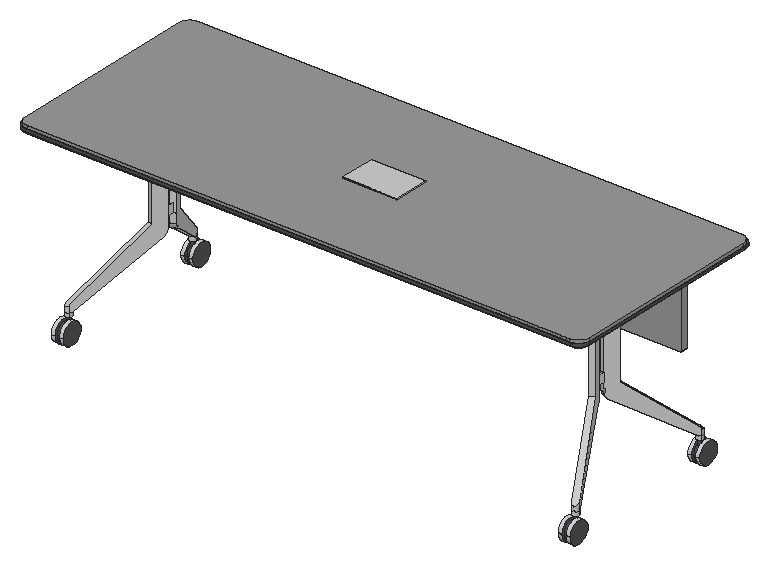
Revit family "Haworth_Planes_ConferenceDesk_EU_PRELIMINARY", category Furniture, Revit 2019
Family settings
  OmniClass Number = 23.40.70.14.64.21
  OmniClass Title = Systems Furniture
  Work Plane-Based = No
  Always vertical = Yes
  Cut with Voids When Loaded = No
  Shared = No
  Room Calculation Point = No
Parameters (values of type "210w x 80d")
  With Screen = yes
  Width = 210 cm
  Warranty = "http://www.haworth.com/resources/product-info/warranties"
  URL - Product = "https://www.haworth.com/eu/en/products/conference-tables/planes-0.html?_br_psugg_q=plane"
  Trim Finish = Haworth _ Polymer _ Undecided
  Top Finish [instance] = Haworth _ Laminate _ Undecided _ Tables
  Table Linking = yes
  Support Finish [instance] = Haworth _ Paint _ Undecided _ Table
  Straight Legs = no
  Squared Corners = not(Rounded Corners)  # no
  Screen Width = Actual Width - 50 cm  # 160 cm
  Screen Finish [instance] = Haworth _ Fabric _ Undecided _ Screen
  Rounded Corners = yes
  Model = "A00000012"  # constant formula
  Min. Width = 100 cm  # constant formula
  Min. Depth = 65 cm  # constant formula
  Max. Width = 210 cm  # constant formula
  Max. Depth = 80 cm  # constant formula
  Leg Height = Actual Height - 2.5 cm  # 71.5 cm
  Glides = no
  Flip Top Finish = Haworth _ Paint _ Undecided _ Table
  Flip Top = yes
  Edge Protector = Haworth _ Polymer _ Black
  Description = "Haworth - Planes - Conference Table"  # constant formula
  URL = "https://www.haworth.com/eu/en.html"
  Size = "Verify Final Dim. w/ Haworth"  # constant formula
  Revision Number = "1"  # constant formula
  Manufacturer = "Haworth"  # constant formula
  Depth = 80 cm
  Casters = not(Glides)  # yes
  Caster Finish = Haworth _ Polymer _ Black
  Author = "Haworth (Abd Rahman)"  # constant formula
  Assembly Code = "E2020200"
  Angled Single Leg = not(Straight Legs)  # yes
  Actual Width = if(Width > Max. Width, Max. Width, if(Width < Min. Width, Min. Width, Width))  # 210 cm
  Actual Height = 74 cm  # constant formula
  Actual Depth = if(Depth > Max. Depth, Max. Depth, if(Depth < Min. Depth, Min. Depth, Depth))  # 80 cm
Reference planes (cm)
  plane 1 "Center F/B": y = 0
  plane 2: z = 0
  plane 3 "Top": z = 74
  plane 4: x = 0
  plane 5: z = 71.5
  plane 6: x = -105
  plane 7: x = 105
  plane 8: y = 40
  plane 9: y = -40
  plane 10: x = -79
  plane 11: x = 79
  plane 12: y = -35
  plane 13: x = 100
  plane 14: y = 35
  plane 15: x = -100
Dimensions and locks (cm)
  "Actual Height": plane 3 "Top" to level
  "Actual Width": plane 6 to plane 7
  equal spacing: plane 6, plane 4, plane 7
  equal spacing: plane 8, plane 1 "Center F/B", plane 9
  "Actual Depth": plane 8 to plane 9
  locked: plane 3 "Top" to plane 5 at 2.5
  plane 6 to plane 10 = 26 cm
  plane 11 to plane 7 = 26 cm
  locked: plane 6 to plane 15 at 5
  locked: plane 13 to plane 7 at 5
  locked: plane 12 to plane 9 at 5
  locked: plane 14 to plane 8 at 5
  aligned and locked: nested 2 to plane 4
  aligned and locked: plane 1 "Center F/B" to nested 2
  aligned and locked: plane 3 "Top" to nested 2
  aligned and locked: nested 3 to plane 10
  aligned and locked: nested 4 to plane 11
  aligned and locked: nested 4 to plane 1 "Center F/B"
  aligned and locked: plane 1 "Center F/B" to nested 3
  aligned and locked: nested 5 to plane 10
  aligned and locked: nested 6 to plane 11
  aligned and locked: level to nested 6
  aligned and locked: level to nested 5
  aligned and locked: plane 2 to nested 3
  aligned and locked: plane 2 to nested 4
  aligned and locked: nested 1 to plane 4
  aligned and locked: plane 5 to nested 1
  aligned and locked: plane 8 to nested 1
  aligned and locked: nested 7 to plane 4
  aligned and locked: plane 1 "Center F/B" to nested 7
  aligned and locked: plane 5 to nested 7
  aligned and locked: nested 8 to plane 12
  aligned and locked: plane 15 to nested 8
  aligned and locked: nested 9 to plane 15
  aligned and locked: plane 14 to nested 9
  aligned and locked: nested 11 to plane 14
  aligned and locked: plane 12 to nested 10
  aligned and locked: nested 10 to plane 13
  aligned and locked: plane 13 to nested 11
  aligned and locked: plane 5 to nested 8
  aligned and locked: nested 9 to plane 5
  aligned and locked: nested 10 to plane 5
  aligned and locked: plane 5 to nested 11
  aligned and locked: nested 12 to plane 4
  aligned and locked: plane 1 "Center F/B" to nested 12
  aligned and locked: nested 12 to plane 3 "Top"
  aligned and locked: plane 1 "Center F/B" to nested 6
  aligned and locked: plane 1 "Center F/B" to nested 5
Nested families (cm)
  nested 1: "Haworth_Planes_ModestyPanel-PART" at (0, 0.9, -46.3707), Screen Finish <- "Screen Finish", Trim Finish <- "Trim Finish", visible <- "With Screen", type "Modesty Panel"
    with Trim Finish Haworth _ Polymer _ Undecided, Screen Finish Haworth _ Fabric _ Undecided _ Screen, Actual Width 160 cm
  nested 2: "Haworth_Planes_Top_EU-PART" at (55.6859, 7.21, 0.5), Top Finish <- "Top Finish", type "Conference Desk - Top"
    with Top Finish Haworth _ Laminate _ Undecided _ Tables, Squared Corners no
  nested 3: "Haworth_Planes_Leg-Y" at (-79, 0, 0), visible <- "Angled Single Leg", type "Leg"
    with Leg Height 71.5 cm
  nested 4: "Haworth_Planes_Leg-Y" at (79, 0, 0) x (-1, 0, 0) z (0, 0, 1), visible <- "Angled Single Leg", type "Leg"
    with Leg Height 71.5 cm
  nested 5: "Haworth_Planes_YLeg_Linear-PART" at (-129, -7.3381, 0.0293), Support Finish <- "Support Finish", visible <- "Straight Legs", type "Leg"
    with Support Finish Haworth _ Paint _ Undecided _ Table
  nested 6: "Haworth_Planes_YLeg_Linear-PART" at (33.6, -7.3381, 0.0293), Support Finish <- "Support Finish", visible <- "Straight Legs", type "Leg"
    with Support Finish Haworth _ Paint _ Undecided _ Table
  nested 7: "Haworth_Planes_Beam_Understructure-PART" at (0, 2.91, 0), Support Finish <- "Support Finish", type "Beam Understructure"
    with Support Finish Haworth _ Paint _ Undecided _ Table, Actual Width 160 cm
  nested 8: "Haworth_Planes_TableLinking-PART" at (-100, -24.59, 0), Support Finish <- "Flip Top Finish", visible <- "Table Linking", type "Table Linking"
    with Support Finish Haworth _ Paint _ Undecided _ Table
  nested 9: "Haworth_Planes_TableLinking-PART" at (-100, 24.59, 0), Support Finish <- "Flip Top Finish", visible <- "Table Linking", type "Table Linking"
    with Support Finish Haworth _ Paint _ Undecided _ Table
  nested 10: "Haworth_Planes_TableLinking-PART" at (100, -24.59, 0) x (-1, 0, 0) z (0, 0, 1), Support Finish <- "Flip Top Finish", visible <- "Table Linking", type "Table Linking"
    with Support Finish Haworth _ Paint _ Undecided _ Table
  nested 11: "Haworth_Planes_TableLinking-PART" at (100, 24.59, 0) x (-1, 0, 0) z (0, 0, 1), Support Finish <- "Flip Top Finish", visible <- "Table Linking", type "Table Linking"
    with Support Finish Haworth _ Paint _ Undecided _ Table
  nested 12: "Haworth-Flip Top" at (-1.4487, -0.1333, -6), visible <- "Flip Top", type "Flip Top - Visio"
    with Actual Width 20 cm, Actual Depth 13 cm
Definition of nested family "Haworth_Planes_ModestyPanel-PART"
  Parameters (values of type "Modesty Panel")
    Warranty = "http://www.haworth.com/resources/product-info/warranties"
    URL - Product = "\"Haworth - Planes - Modesty Panel\""
    URL = "https://www.haworth.com/eu/en.html"
    Trim Finish [instance] = none
    Thickness = 3.2 cm  # constant formula
    Size = "Verify Final Dim. w/ Haworth"  # constant formula
    Screen Finish [instance] = none
    Revision Number = ""
    Model = "Haworth - Planes - Modesty Panel"  # constant formula
    Manufacturer = "Haworth"  # constant formula
    Description = "Haworth - Planes - Modesty Panel"  # constant formula
    Author = "Haworth (Abd Rahman)"  # constant formula
    Assembly Code = ""
    Actual Width = 130 cm
    Actual Height = 40 cm
    Actual Depth = 2 cm  # constant formula
  Reference planes (cm)
    plane 1 "Center F/B": y = 38.1
    plane 2: z = 0
    plane 3 "Center L/R": x = 0
    plane 4 "Table Front": y = 39.1
    plane 5 "Table Right": x = 65
    plane 6 "Table Left": x = -65
    plane 7 "Table Back": y = 37.1
    plane 8: z = 74.5582
    plane 9: z = 114.5582
    plane 10: x = 40.0779
    plane 11: x = -40.0779
    plane 12: z = 117.8707
    plane 13: y = 39.9573
  Forms (cm)
    Extrusion 1, solid, material <- "Screen Finish"
      sketch origin (0, 39.1, 0) x (-1, 0, 0) y (0, 0, 1)
        loop
          line (64.5, 114.5582) -> (-64.5, 114.5582)
          arc (-64.5, 114.5582) -> (-64.8536, 114.4118) -> (-65, 114.0582) r 0.5
          line (-65, 114.0582) -> (-65, 75.0582)
          arc (-65, 75.0582) -> (-64.8536, 74.7047) -> (-64.5, 74.5582) r 0.5
          line (-64.5, 74.5582) -> (64.5, 74.5582)
          arc (64.5, 74.5582) -> (64.8536, 74.7047) -> (65, 75.0582) r 0.5
          line (65, 75.0582) -> (65, 114.0582)
          arc (65, 114.0582) -> (64.8536, 114.4118) -> (64.5, 114.5582) r 0.5
      from -2 to 0
  Lines and regions (cm)
    Masking region 1
      outline origin (0, 0, 0) x (1, 0, 0) y (0, 1, 0)
        loop
          line (-65, 39.1) -> (-65, 37.1) -> (65, 37.1) -> (65, 39.1) -> (-65, 39.1)
  Dimensions and locks (cm)
    "Actual Depth": plane 7 "Table Back" to plane 4 "Table Front"
    "Actual Width": plane 6 "Table Left" to plane 5 "Table Right"
    equal spacing: plane 6 "Table Left", plane 3 "Center L/R", plane 5 "Table Right"
    equal spacing: plane 4 "Table Front", plane 1 "Center F/B", plane 7 "Table Back"
    "Actual Height": plane 9 to plane 8
    locked: plane 11 to plane 6 "Table Left" at 24.9221
    locked: plane 10 to plane 5 "Table Right" at 24.9221
    plane 12 to plane 9 = 3.3125 cm
    aligned and locked: Extrusion 1 sketch curve to plane 5 "Table Right"
    aligned and locked: plane 8 to Extrusion 1 sketch curve
    aligned and locked: nested 1 to plane 10
    aligned and locked: nested 2 to plane 11
    aligned and locked: plane 4 "Table Front" to Extrusion 1
    aligned and locked: plane 7 "Table Back" to Extrusion 1
    aligned and locked: plane 12 to nested 1
    aligned and locked: plane 12 to nested 2
    aligned and locked: plane 13 to nested 2
    aligned and locked: plane 13 to nested 1
    aligned and locked: plane 6 "Table Left" to Masking region 1 sketch curve
    aligned and locked: Masking region 1 sketch curve to plane 7 "Table Back"
    aligned and locked: plane 5 "Table Right" to Masking region 1 sketch curve
    aligned and locked: Masking region 1 sketch curve to plane 4 "Table Front"
  Automatic sketch dimensions
    plane 5 "Table Right" to Extrusion 1 sketch curve = 0.5 cm  (x2)
    Extrusion 1 sketch curve to Extrusion 1 sketch curve = 0.5 cm  (x2)
    Extrusion 1 sketch curve to plane 6 "Table Left" = 0 cm
    Extrusion 1 sketch curve to plane 9 = 0 cm
  Nested families (cm)
    nested 1: "Haworth_Planes_ModestyPanel-FixingKit-PART" at (1.1175, 235.3951, 46.5107), Trim Finish <- "Trim Finish", type "Fixing Kit"
      with Trim Finish none
    nested 2: "Haworth_Planes_ModestyPanel-FixingKit-PART" at (-79.0384, 235.3951, 46.5107), Trim Finish <- "Trim Finish", type "Fixing Kit"
      with Trim Finish none
  Definition of nested family "Haworth_Planes_ModestyPanel-FixingKit-PART"
    Parameters (values of type "Fixing Kit")
      Warranty = "http://www.haworth.com/resources/product-info/warranties"
      URL - Product = "https://www.haworth.com/eu/en/products/conference-tables/planes-0.html"
      URL = "https://www.haworth.com/eu/en.html"
      Trim Finish [instance] = none
      Size = "Verify Final Dim. w/ Haworth"  # constant formula
      Revision Number = ""
      Model = "Haworth - Planes - Modesty Panel"  # constant formula
      Manufacturer = "Haworth"  # constant formula
      Description = "Haworth - Planes - Modesty Panel"  # constant formula
      Author = "Haworth (Abd Rahman)"  # constant formula
      Assembly Code = ""
      Actual Width = 6 cm  # constant formula
      Actual Height = 40 cm
      Actual Depth = 8 cm  # constant formula
    Reference planes (cm)
      plane 1: z = 0
      plane 2: x = 41.9604
      plane 3: x = 35.9604
      plane 4: y = -204.5451
      plane 5: y = -196.5451
      plane 6: x = 38.9604
      plane 7: y = -200.5451
      plane 8: z = 71.36
      plane 9: z = 64.6069
    Forms (cm)
      Extrusion 1, solid, material <- "Trim Finish"
        sketch origin (0, 0, 0) x (1, 0, 0) y (0, 1, 0)
          loop
            line (35.9604, -196.695) -> (35.9604, -204.3951) -> (36.1104, -204.5451) -> (41.8104, -204.5451) -> (41.9604, -204.3951) -> (41.9604, -196.695) -> (41.8104, -196.5451) -> (40.0162, -196.5451) -> (40.0162, -199.0429) -> (37.9046, -199.0429) -> (37.9046, -196.5451) -> (36.1104, -196.5451) -> (35.9604, -196.695)
        from 69.4159 to 71.36
      Extrusion 2, solid, material <- "Trim Finish"
        sketch origin (0, 0, 0) x (1, 0, 0) y (0, 1, 0)
          loop
            line (38.2136, -195.5878) -> (38.2136, -199.0429) -> (39.7072, -199.0429) -> (39.7072, -195.5878) -> (39.5572, -195.4378) -> (38.3637, -195.4378) -> (38.2136, -195.5878)
        from 70.3859 to 71.025
      Extrusion 3, solid, material <- "Trim Finish"
        sketch origin (70, 0, 0) x (0, -1, 0) y (0, 0, 1)
          loop
            line (203.8451, 69.4159) -> (197.0296, 69.4159) -> (197.0296, 68.3014)
            arc (197.0296, 68.3014) -> (197.143, 68.0646) -> (197.3987, 68.0046) r 0.3039
            line (197.3987, 68.0046) -> (203.8451, 69.4159)
        from 28.3261 to 33.7338
      Extrusion 4, solid, material <- "Trim Finish"
        sketch origin (70, 0, 0) x (0, -1, 0) y (0, 0, 1)
          loop
            arc (198.9867, 67.3842) -> (198.6219, 68.3857) -> (197.7537, 69.0041) r 1.7962
            arc (197.7537, 69.0041) -> (196.9985, 68.9966) -> (196.5918, 68.3601) r 0.7933
            line (196.5918, 68.3601) -> (196.5918, 67.8966) -> (197.0296, 67.8966) -> (197.0296, 68.3343) -> (197.6219, 68.3343) -> (197.6219, 67.8966) -> (198.1884, 67.8966) -> (198.1884, 64.6069) -> (198.9867, 64.6069) -> (198.9867, 67.3842)
        from 28.03 to 34.0299
      Extrusion 5, void
        sketch origin (0, 39.7, 0) x (-1, 0, 0) y (0, 0, 1)
          loop
            line (-41.32, 69.094) -> (-41.32, 66.9953) -> (-41.6701, 66.9953)
            arc (-41.6701, 66.9953) -> (-41.8822, 66.9074) -> (-41.97, 66.6953) r 0.3
            line (-41.97, 66.6953) -> (-41.97, 64.9069)
            arc (-41.97, 64.9069) -> (-41.8822, 64.6947) -> (-41.67, 64.6069) r 0.3
            line (-41.67, 64.6069) -> (-36.2443, 64.6069)
            arc (-36.2443, 64.6069) -> (-36.0322, 64.6947) -> (-35.9443, 64.9069) r 0.3
            line (-35.9443, 64.9069) -> (-35.9443, 66.6982)
            arc (-35.9443, 66.6982) -> (-36.0313, 66.9083) -> (-36.2413, 66.9953) r 0.297
            line (-36.2413, 66.9953) -> (-36.5943, 66.9953) -> (-36.5943, 69.094) -> (-37.8572, 69.094) -> (-37.8572, 66.9953) -> (-40.0572, 66.9953) -> (-40.0572, 69.094) -> (-41.32, 69.094)
          loop
            line (-35.4992, 69.5369) -> (-42.6878, 69.5369) -> (-42.6878, 64.0369) -> (-35.4992, 64.0369) -> (-35.4992, 69.5369)
        from -241.406 to -231.8616
      Extrusion 6, solid, material <- "Trim Finish"
        sketch origin (0, 0, 0) x (1, 0, 0) y (0, 1, 0)
          loop
            line (40.0162, -199.0429) -> (40.0162, -196.5451) -> (37.9046, -196.5451) -> (37.9046, -199.0429) -> (40.0162, -199.0429)
        from 69.4159 to 70.76
    Cuts and joins
      Extrusion 5 cuts Extrusion 4
      joined: Extrusion 1, Extrusion 2, Extrusion 3, Extrusion 4, Extrusion 6
    Lines and regions (cm)
      Masking region 1
        outline origin (0, 0, 0) x (1, 0, 0) y (0, 1, 0)
          loop
            line (35.9604, -196.695) -> (35.9604, -204.3951) -> (36.1104, -204.5451) -> (41.8104, -204.5451) -> (41.9604, -204.3951) -> (41.9604, -196.695) -> (41.8104, -196.5451) -> (40.0162, -196.5451) -> (40.0162, -199.0429) -> (39.7072, -199.0429) -> (39.7072, -195.5878) -> (39.5572, -195.4378) -> (38.3637, -195.4378) -> (38.2136, -195.5878) -> (38.2136, -199.0429) -> (37.9046, -199.0429) -> (37.9046, -196.5451) -> (36.1104, -196.5451) -> (35.9604, -196.695)
    Dimensions and locks (cm)
      equal spacing: plane 3, plane 6, plane 2
      "Actual Width": plane 3 to plane 2
      "Actual Depth": plane 4 to plane 5
      equal spacing: plane 4, plane 7, plane 5
    Automatic sketch dimensions
      Extrusion 1 sketch curve to plane 3 = 0 cm
      plane 4 to Extrusion 1 sketch curve = 0 cm
      plane 5 to Extrusion 1 sketch curve = 0 cm  (x2)
      Extrusion 1 sketch curve to plane 2 = 0 cm
      Extrusion 1 sketch curve to plane 3 = 0.15 cm  (x2)
      Extrusion 1 sketch curve to plane 6 = 1.0558 cm
      plane 6 to Extrusion 1 sketch curve = 1.0558 cm
      plane 2 to Extrusion 1 sketch curve = 0.15 cm  (x2)
      Extrusion 1 sketch curve to plane 4 = 0.15 cm  (x2)
      plane 5 to Extrusion 1 sketch curve = 0.15 cm  (x2)
      Extrusion 2 sketch curve to plane 6 = 0.7468 cm
      Extrusion 2 sketch curve to Extrusion 2 sketch curve = 0.15 cm  (x3)
      plane 6 to Extrusion 2 sketch curve = 0.5968 cm
      Extrusion 2 sketch curve to plane 5 = 0.9573 cm  (x2)
      plane 5 to Extrusion 3 sketch curve = 0.4845 cm
      Extrusion 3 sketch curve to Extrusion 3 sketch curve = 0.3039 cm
      Extrusion 3 sketch curve to Extrusion 3 sketch curve = 0.0652 cm
      Extrusion 3 sketch curve to plane 4 = 0.7 cm
      Extrusion 3 sketch curve to Extrusion 3 sketch curve = 1.1145 cm
      plane 5 to Extrusion 4 sketch curve = 0.0468 cm
      Extrusion 4 sketch curve to Extrusion 4 sketch curve = 0.4378 cm
      Extrusion 4 sketch curve to Extrusion 4 sketch curve = 0.1629 cm
      Extrusion 4 sketch curve to Extrusion 4 sketch curve = 0.3535 cm
      Extrusion 4 sketch curve to Extrusion 4 sketch curve = 0.2388 cm
      plane 5 to Extrusion 4 sketch curve = 1.6433 cm
      Extrusion 4 sketch curve to Extrusion 4 sketch curve = 0.7983 cm
      Extrusion 4 sketch curve to Extrusion 4 sketch curve = 2.691 cm
      Extrusion 4 sketch curve to Extrusion 4 sketch curve = 0.0864 cm
      Extrusion 4 sketch curve to Extrusion 4 sketch curve = 0.5987 cm  (x2)
      Extrusion 4 sketch curve to Extrusion 4 sketch curve = 0.4062 cm
      Extrusion 4 sketch curve to Extrusion 4 sketch curve = 0.0316 cm
      Extrusion 4 sketch curve to Extrusion 4 sketch curve = 0.0258 cm
      Extrusion 5 sketch curve to plane 2 = 0.7274 cm
      Extrusion 5 sketch curve to plane 2 = 0.0096 cm
      plane 2 to Extrusion 5 sketch curve = 0.2904 cm  (x2)
      Extrusion 5 sketch curve to Extrusion 5 sketch curve = 0.35 cm
      plane 6 to Extrusion 5 sketch curve = 1.0967 cm
      Extrusion 5 sketch curve to plane 6 = 1.1033 cm
      Extrusion 5 sketch curve to plane 3 = 0.6339 cm
      Extrusion 5 sketch curve to plane 3 = 0.2839 cm
      Extrusion 5 sketch curve to plane 3 = 0.2809 cm
      plane 3 to Extrusion 5 sketch curve = 0.0161 cm
      plane 3 to Extrusion 5 sketch curve = 0.4613 cm
      Extrusion 5 sketch curve to Extrusion 5 sketch curve = 0.57 cm
      Extrusion 5 sketch curve to Extrusion 5 sketch curve = 1.7884 cm
      Extrusion 5 sketch curve to Extrusion 5 sketch curve = 1.7914 cm
      Extrusion 5 sketch curve to Extrusion 5 sketch curve = 0 cm
      Extrusion 5 sketch curve to Extrusion 5 sketch curve = 2.0987 cm  (x2)
      Extrusion 5 sketch curve to Extrusion 5 sketch curve = 0.4429 cm
      plane 5 to Extrusion 6 sketch curve = 0 cm
      Extrusion 6 sketch curve to plane 6 = 1.0558 cm
      plane 6 to Extrusion 6 sketch curve = 1.0558 cm
      Extrusion 1 sketch curve to Extrusion 1 sketch curve = 2.4978 cm
      plane 5 to Extrusion 2 sketch curve = 2.4978 cm
      plane 5 to Extrusion 6 sketch curve = 2.4978 cm
      level to Extrusion 3 sketch curve = 68.0046 cm
      level to Extrusion 4 sketch curve = 64.6069 cm
      level to Extrusion 5 sketch curve = 64.0369 cm
      Masking region 1 sketch curve to plane 3 = 0 cm
      plane 4 to Masking region 1 sketch curve = 0 cm
      plane 5 to Masking region 1 sketch curve = 0 cm  (x2)
      Masking region 1 sketch curve to plane 2 = 0 cm
      Masking region 1 sketch curve to plane 3 = 0.15 cm  (x2)
      Masking region 1 sketch curve to plane 6 = 1.0558 cm
      plane 6 to Masking region 1 sketch curve = 1.0558 cm
      plane 2 to Masking region 1 sketch curve = 0.15 cm  (x2)
      Masking region 1 sketch curve to plane 4 = 0.15 cm  (x2)
      plane 7 to Masking region 1 sketch curve = 1.5022 cm  (x2)
      plane 5 to Masking region 1 sketch curve = 0.15 cm  (x2)
      Masking region 1 sketch curve to Masking region 1 sketch curve = 0.309 cm  (x2)
      Masking region 1 sketch curve to plane 5 = 0.9573 cm
      Masking region 1 sketch curve to Masking region 1 sketch curve = 0.15 cm  (x3)
      plane 6 to Masking region 1 sketch curve = 0.5968 cm
Definition of nested family "Haworth_Planes_Top_EU-PART"
  Parameters (values of type "Conference Desk - Top")
    Warranty = "http://www.haworth.com/resources/product-info/warranties"
    URL - Product = ""
    URL = "https://www.haworth.com/eu/en.html"
    Top Finish [instance] = none
    Thickness = 2.5 cm
    Squared Corners = yes
    Size = "Verify Final Dim. w/ Haworth"  # constant formula
    Rounded Corners = yes
    Revision Number = "1"  # constant formula
    Model = ""
    Manufacturer = "Haworth"  # constant formula
    Edge Protector = none
    Description = ""
    Author = "Haworth (Abd Rahman)"  # constant formula
    Assembly Code = "E2020200"
    Actual Width = 210 cm
    Actual Mounting Height = 45 cm
    Actual Depth = 80 cm
  Reference planes (cm)
    plane 1: z = -0.5
    plane 2: x = -160.6859
    plane 3: x = 49.3141
    plane 4: x = -55.6859
    plane 5: y = 32.79
    plane 6: y = -47.21
    plane 7: y = -7.21
    plane 8: z = 73.5
    plane 9: z = 71
    plane 10: z = 72.6
    plane 11: z = 71.7
    plane 12: x = 48.8203
    plane 13: x = -160.1922
    plane 14: y = 32.3298
    plane 15: y = -46.7498
  Forms (cm)
    Extrusion 1, solid, material <- "Top Finish", visible <- "Squared Corners"
      sketch origin (0, 0, -0.5) x (1, 0, 0) y (0, 1, 0)
        loop
          line (-160.6859, 32.79) -> (-160.6859, -47.21) -> (49.3141, -47.21) -> (49.3141, 32.79) -> (-160.6859, 32.79)
      from 71.5 to 74
    Extrusion 2, solid, material <- "Top Finish", visible <- "Rounded Corners"
      sketch origin (0, 0, -0.5) x (1, 0, 0) y (0, 1, 0)
        loop
          arc (-156.1922, 32.3298) -> (-159.0206, 31.1583) -> (-160.1922, 28.3298) r 4
          line (-160.1922, 28.3298) -> (-160.1922, -42.7498)
          arc (-160.1922, -42.7498) -> (-159.0206, -45.5783) -> (-156.1922, -46.7498) r 4
          line (-156.1922, -46.7498) -> (44.8203, -46.7498)
          arc (44.8203, -46.7498) -> (47.6488, -45.5783) -> (48.8203, -42.7498) r 4
          line (48.8203, -42.7498) -> (48.8203, 28.3298)
          arc (48.8203, 28.3298) -> (47.6488, 31.1583) -> (44.8203, 32.3298) r 4
          line (44.8203, 32.3298) -> (-156.1922, 32.3298)
      from 73.1 to 74
    Extrusion 3, solid, material <- "Top Finish", visible <- "Rounded Corners"
      sketch origin (0, 0, -0.5) x (1, 0, 0) y (0, 1, 0)
        loop
          arc (-156.1922, 32.3298) -> (-159.0206, 31.1583) -> (-160.1922, 28.3298) r 4
          line (-160.1922, 28.3298) -> (-160.1922, -42.7498)
          arc (-160.1922, -42.7498) -> (-159.0206, -45.5783) -> (-156.1922, -46.7498) r 4
          line (-156.1922, -46.7498) -> (44.8203, -46.7498)
          arc (44.8203, -46.7498) -> (47.6488, -45.5783) -> (48.8203, -42.7498) r 4
          line (48.8203, -42.7498) -> (48.8203, 28.3298)
          arc (48.8203, 28.3298) -> (47.6488, 31.1583) -> (44.8203, 32.3298) r 4
          line (44.8203, 32.3298) -> (-156.1922, 32.3298)
      from 71.5 to 72.2
    Extrusion 4, solid, material <- "Edge Protector", visible <- "Rounded Corners"
      sketch origin (0, 0, -0.5) x (1, 0, 0) y (0, 1, 0)
        loop
          arc (-156.6859, 32.79) -> (-159.5143, 31.6184) -> (-160.6859, 28.79) r 4
          line (-160.6859, 28.79) -> (-160.6859, -43.21)
          arc (-160.6859, -43.21) -> (-159.5143, -46.0384) -> (-156.6859, -47.21) r 4
          line (-156.6859, -47.21) -> (45.3141, -47.21)
          arc (45.3141, -47.21) -> (48.1425, -46.0384) -> (49.3141, -43.21) r 4
          line (49.3141, -43.21) -> (49.3141, 28.79)
          arc (49.3141, 28.79) -> (48.1425, 31.6184) -> (45.3141, 32.79) r 4
          line (45.3141, 32.79) -> (-156.6859, 32.79)
      from 72.2 to 73.1
  Lines and regions (cm)
    Masking region 1, visible <- "Squared Corners"
      outline origin (0, 0, -0.5) x (1, 0, 0) y (0, 1, 0)
        loop
          line (-160.6859, 32.79) -> (-160.6859, -47.21) -> (49.3141, -47.21) -> (49.3141, 32.79) -> (-160.6859, 32.79)
    Masking region 2, visible <- "Rounded Corners"
      outline origin (0, 0, -0.5) x (1, 0, 0) y (0, 1, 0)
        loop
          arc (-156.6859, 32.79) -> (-159.5143, 31.6184) -> (-160.6859, 28.79) r 4
          line (-160.6859, 28.79) -> (-160.6859, -43.21)
          arc (-160.6859, -43.21) -> (-159.5143, -46.0384) -> (-156.6859, -47.21) r 4
          line (-156.6859, -47.21) -> (45.3141, -47.21)
          arc (45.3141, -47.21) -> (48.1425, -46.0384) -> (49.3141, -43.21) r 4
          line (49.3141, -43.21) -> (49.3141, 28.79)
          arc (49.3141, 28.79) -> (48.1425, 31.6184) -> (45.3141, 32.79) r 4
          line (45.3141, 32.79) -> (-156.6859, 32.79)
  Dimensions and locks (cm)
    equal spacing: plane 2, plane 4, plane 3
    equal spacing: plane 6, plane 7, plane 5
    "Actual Width": plane 2 to plane 3
    "Actual Depth": plane 6 to plane 5
    plane 8 to plane 10 to plane 11 to plane 9 = 0.9 cm locked, 0.9 cm locked, 0.7 cm locked
    locked: plane 2 to plane 13 at 0.4937
    locked: plane 12 to plane 3 at 0.4938
    locked: plane 14 to plane 5 at 0.4602
    locked: plane 6 to plane 15 at 0.4602
    plane 8 to plane 9 = 2.5 cm
    aligned and locked: level to plane 1
    aligned and locked: plane 3 to Extrusion 1 sketch curve
    aligned and locked: plane 5 to Extrusion 1 sketch curve
    aligned and locked: Extrusion 1 sketch curve to plane 6
    aligned and locked: Extrusion 1 sketch curve to plane 2
    aligned and locked: plane 8 to Extrusion 1
    aligned and locked: Extrusion 1 to plane 9
    aligned and locked: Extrusion 2 to plane 8
    aligned and locked: Extrusion 2 to plane 10
    aligned and locked: plane 12 to Extrusion 3 sketch curve
    aligned and locked: Extrusion 3 sketch curve to plane 14
    aligned and locked: Extrusion 3 sketch curve to plane 15
    aligned and locked: plane 13 to Extrusion 3 sketch curve
    aligned and locked: plane 13 to Extrusion 2 sketch curve
    aligned and locked: Extrusion 2 sketch curve to plane 15
    aligned and locked: plane 12 to Extrusion 2 sketch curve
    aligned and locked: Extrusion 2 sketch curve to plane 14
    aligned and locked: plane 11 to Extrusion 3
    aligned and locked: Extrusion 3 to plane 9
    aligned and locked: Extrusion 4 sketch curve to plane 6
    aligned and locked: plane 3 to Extrusion 4 sketch curve
    aligned and locked: plane 5 to Extrusion 4 sketch curve
    aligned and locked: Extrusion 4 sketch curve to plane 2
    aligned and locked: Extrusion 4 to plane 11
    aligned and locked: plane 10 to Extrusion 4
    aligned and locked: plane 3 to Masking region 1 sketch curve
    aligned and locked: Masking region 1 sketch curve to plane 6
    aligned and locked: plane 5 to Masking region 1 sketch curve
    aligned and locked: Masking region 1 sketch curve to plane 2
    aligned and locked: plane 3 to Masking region 2 sketch curve
    aligned and locked: Masking region 2 sketch curve to plane 6
    aligned and locked: plane 5 to Masking region 2 sketch curve
    aligned and locked: Masking region 2 sketch curve to plane 2
  Automatic sketch dimensions
    plane 13 to Extrusion 2 sketch curve = 4 cm  (x2)
    plane 12 to Extrusion 2 sketch curve = 4 cm  (x2)
    Extrusion 2 sketch curve to plane 15 = 4 cm  (x2)
    plane 13 to Extrusion 3 sketch curve = 4 cm  (x2)
    plane 12 to Extrusion 3 sketch curve = 4 cm  (x2)
    Extrusion 3 sketch curve to plane 15 = 4 cm  (x2)
    plane 13 to Extrusion 4 sketch curve = 3.5063 cm  (x2)
    plane 12 to Extrusion 4 sketch curve = 3.5062 cm  (x3)
    Extrusion 4 sketch curve to plane 15 = 3.5398 cm
    plane 13 to Masking region 2 sketch curve = 3.5063 cm  (x2)
    plane 12 to Masking region 2 sketch curve = 3.5062 cm  (x2)
Definition of nested family "Haworth_Planes_Leg-Y"
  Parameters (values of type "Leg")
    Leg Height = 77.47 cm
    Leg Finish = none
    Glides = no
    Casters = yes
    Caster Finish = none
    Assembly Code = ""
  Reference planes (cm)
    plane 1 "Center (Front/Back)": y = 0
    plane 2: z = 0
    plane 3 "Center (Left/Right)": x = 0
    plane 4 "Top of Leg": z = 77.47
    plane 5 "Y Leg Stand": x = -14.9225
    plane 6 "Left Y Leg": through (-0.4476, 1.5493, 121.92) normal (-0.8829, -0.4695, 0)
    plane 7 "Left Post": x = -1.4287
    plane 8 "Left Support": y = 28.7729
    plane 9: through (-0.4476, -1.5493, 121.92) normal (0.8829, -0.4695, 0)
    plane 10: y = -28.7729
  Forms (cm)
    Extrusion 1, solid, material <- "Leg Finish"
      sketch origin (-1.3106, 0, 0) x (1, 0, 0) y (0, 0, 1)
        loop
          line (0.7144, 34.6075) -> (0.7144, 37.7825) -> (-0.1181, 37.7825) -> (-0.1181, 34.6075) -> (0.7144, 34.6075)
      from -2.54 to 2.54
    Extrusion 2, solid, material <- "Leg Finish"
      sketch origin (-0.4476, 1.5493, 121.92) x (0.469468, -0.88295, 0) y (0, 0, -1)
        loop
          line (-5.08, 88.2657) -> (-5.08, 44.45) -> (0, 44.45) -> (0, 87.3308) -> (-0.2538, 90.9601)
          arc (-0.2538, 90.9601) -> (-0.6012, 92.0969) -> (-1.4114, 92.9665) r 2.6437
          line (-1.4114, 92.9665) -> (-29.9087, 111.6593) -> (-32.1132, 111.6593) -> (-32.1132, 110.2547) -> (-5.08, 88.2657)
      from -1.1113 to 1.1113
    Extrusion 3, void
      sketch origin (1.8686, 2.1929, 0) x (0.88295, 0.469468, 0) y (-0.469468, 0.88295, 0)
        loop
          arc (-3.4584, 31.3517) -> (-2.3472, 32.463) -> (-1.2359, 31.3517) r 1.1112
          line (-1.2359, 31.3517) -> (-0.7908, 31.3517) -> (-0.7908, 32.7429) -> (-3.9035, 32.7429) -> (-3.9035, 31.3517) -> (-3.4584, 31.3517)
      from 8.1937 to 14.0104
    Revolve 4, solid, material <- "Leg Finish", visible <- "Glides"
      sketch origin (-14.9466, -0.1061, 0) x (-0.000803, -1, 0) y (0, 0, 1)
        loop
          line (-28.879, 8.7312) -> (-28.879, 0) -> (-26.339, 0) -> (-26.339, 0.4762) -> (-27.7678, 0.4762) -> (-27.7678, 8.7312) -> (-28.879, 8.7312)
        axis (-28.879, 8.7312) -> (-28.879, 0)
      angle from 0 to 360
    Extrusion 5, solid, material <- "Leg Finish"
      sketch origin (1.8686, 2.1929, 0) x (0.88295, 0.469468, 0) y (-0.469468, 0.88295, 0)
        loop
          circle (-2.3472, 31.3517) r 1.1112
      from 8.7312 to 10.2607
    Extrusion 6, solid, material <- "Leg Finish"
      sketch origin (-0.4476, -1.5493, 121.92) x (0.469468, 0.88295, 0) y (0, 0, 1)
        loop
          line (-5.08, -88.2657) -> (-32.1132, -110.2547) -> (-32.1132, -111.6593) -> (-29.9087, -111.6593) -> (-1.4114, -92.9665)
          arc (-1.4114, -92.9665) -> (-0.6012, -92.0969) -> (-0.2538, -90.9601) r 2.6437
          line (-0.2538, -90.9601) -> (0, -87.3308) -> (0, -44.45) -> (-5.08, -44.45) -> (-5.08, -88.2657)
      from -1.1113 to 1.1113
    Extrusion 7, void
      sketch origin (1.8686, -2.1929, 0) x (0.88295, -0.469468, 0) y (0.469468, 0.88295, 0)
        loop
          line (-3.4584, -31.3517) -> (-3.9035, -31.3517) -> (-3.9035, -32.7429) -> (-0.7908, -32.7429) -> (-0.7908, -31.3517) -> (-1.2359, -31.3517)
          arc (-1.2359, -31.3517) -> (-2.3472, -32.463) -> (-3.4584, -31.3517) r 1.1112
      from 8.1937 to 14.0104
    Revolve 8, solid, material <- "Leg Finish", visible <- "Glides"
      sketch origin (-14.9448, 0.1061, 0) x (-0.000803, 1, 0) y (0, 0, -1)
        loop
          line (-28.879, -8.7312) -> (-27.7678, -8.7312) -> (-27.7678, -0.4762) -> (-26.339, -0.4762) -> (-26.339, 0) -> (-28.879, 0) -> (-28.879, -8.7312)
        axis (-28.879, -8.7312) -> (-28.879, 0)
      angle from 0 to 360
    Extrusion 9, solid, material <- "Leg Finish"
      sketch origin (1.8686, -2.1929, 0) x (0.88295, -0.469468, 0) y (0.469468, 0.88295, 0)
        loop
          circle (-2.3472, -31.3517) r 1.1112
      from 8.7312 to 10.2607
  Cuts and joins
    Extrusion 3, Extrusion 7 cuts Extrusion 1
    Extrusion 3, Extrusion 7 cuts Extrusion 2
    Extrusion 7 cuts Extrusion 5
    Extrusion 7 cuts Extrusion 6
    Extrusion 7 cuts Extrusion 9
    joined: Extrusion 1, Extrusion 2, Extrusion 5, Extrusion 6, Extrusion 9
    Extrusion 7 cuts Revolve 4
    Extrusion 7 cuts Revolve 8
  Dimensions and locks (cm)
    "Leg Height": plane 4 "Top of Leg" to level
    plane 5 "Y Leg Stand" to plane 3 "Center (Left/Right)" = 14.9225 cm
    locked: plane 7 "Left Post" to plane 3 "Center (Left/Right)" at 1.4288
  Automatic sketch dimensions
    plane 7 "Left Post" to Extrusion 1 sketch curve = 0 cm
    Extrusion 1 sketch curve to plane 3 "Center (Left/Right)" = 0.5962 cm
    level to Extrusion 1 sketch curve = 34.6075 cm
    Extrusion 1 sketch curve to Extrusion 1 sketch curve = 3.175 cm
    plane 4 "Top of Leg" to Extrusion 2 sketch curve = 0 cm
    Extrusion 2 sketch curve to level = 11.6653 cm
    Extrusion 2 sketch curve to level = 10.2607 cm
    Extrusion 2 sketch curve to Extrusion 2 sketch curve = 2.2044 cm
    Extrusion 2 sketch curve to Extrusion 2 sketch curve = 27.0332 cm
    Extrusion 2 sketch curve to Extrusion 2 sketch curve = 2.189 cm
    Extrusion 2 sketch curve to level = 28.9535 cm
    Extrusion 2 sketch curve to Extrusion 2 sketch curve = 1.4796 cm
    Extrusion 2 sketch curve to level = 30.9599 cm
    Extrusion 2 sketch curve to Extrusion 2 sketch curve = 1.1576 cm
    Extrusion 2 sketch curve to Extrusion 2 sketch curve = 5.08 cm
    Extrusion 2 sketch curve to Extrusion 2 sketch curve = 2.51 cm
    Extrusion 2 sketch curve to Extrusion 2 sketch curve = 3.6294 cm
    Extrusion 3 sketch curve to plane 5 "Y Leg Stand" = 0 cm
    Extrusion 3 sketch curve to plane 6 "Left Y Leg" = 0 cm
    Extrusion 3 sketch curve to plane 6 "Left Y Leg" = 1.1112 cm
    Extrusion 3 sketch curve to Extrusion 3 sketch curve = 0.4451 cm  (x2)
    Extrusion 3 sketch curve to Extrusion 3 sketch curve = 1.3912 cm
    Revolve 4 sketch curve to level = 0 cm
    level to Revolve 4 sketch curve = 8.7093 cm
    Revolve 4 sketch curve to Revolve 4 sketch curve = 0 cm
    level to Revolve 4 sketch curve = 0.4763 cm
    Revolve 4 sketch curve to Revolve 4 sketch curve = 1.1113 cm
    Revolve 4 sketch curve to Revolve 4 sketch curve = 1.4287 cm
    Revolve 4 sketch curve to level = 2.7207 cm
    Revolve 4 sketch curve to Revolve 4 sketch curve = 0.022 cm
    Extrusion 5 sketch curve to plane 5 "Y Leg Stand" = 0 cm
    Extrusion 5 sketch curve to plane 6 "Left Y Leg" = 0 cm
    Extrusion 6 sketch curve to plane 4 "Top of Leg" = 0 cm
    level to Extrusion 6 sketch curve = 11.6653 cm
    level to Extrusion 6 sketch curve = 10.2607 cm
    Extrusion 6 sketch curve to Extrusion 6 sketch curve = 2.2044 cm
    Extrusion 6 sketch curve to Extrusion 6 sketch curve = 27.0332 cm
    Extrusion 6 sketch curve to Extrusion 6 sketch curve = 2.189 cm
    level to Extrusion 6 sketch curve = 28.9535 cm
    Extrusion 6 sketch curve to Extrusion 6 sketch curve = 1.4796 cm
    level to Extrusion 6 sketch curve = 30.9599 cm
    Extrusion 6 sketch curve to Extrusion 6 sketch curve = 1.1576 cm
    Extrusion 6 sketch curve to Extrusion 6 sketch curve = 5.08 cm
    Extrusion 6 sketch curve to Extrusion 6 sketch curve = 2.51 cm
    Extrusion 6 sketch curve to Extrusion 6 sketch curve = 3.6294 cm
    Extrusion 7 sketch curve to plane 5 "Y Leg Stand" = 0 cm
    plane 9 to Extrusion 7 sketch curve = 0 cm
    plane 9 to Extrusion 7 sketch curve = 1.1112 cm
    Extrusion 7 sketch curve to Extrusion 7 sketch curve = 0.4451 cm  (x2)
    Extrusion 7 sketch curve to Extrusion 7 sketch curve = 1.3912 cm
    Revolve 8 sketch curve to level = 0 cm
    level to Revolve 8 sketch curve = 8.7093 cm
    Revolve 8 sketch curve to Revolve 8 sketch curve = 0 cm
    level to Revolve 8 sketch curve = 0.4763 cm
    Revolve 8 sketch curve to Revolve 8 sketch curve = 1.1113 cm
    Revolve 8 sketch curve to Revolve 8 sketch curve = 1.4287 cm
    Revolve 8 sketch curve to Revolve 8 sketch curve = 0.022 cm
    Revolve 8 sketch curve to level = 2.7207 cm
    Extrusion 9 sketch curve to plane 5 "Y Leg Stand" = 0 cm
    plane 9 to Extrusion 9 sketch curve = 0 cm
    radius of Extrusion 5 sketch curve = 1.1112 cm
    radius of Extrusion 9 sketch curve = 1.1112 cm
  Nested families (cm)
    nested 1: "Haworth_3in Caster" at (-14.9225, 28.7729, 0), visible <- "Casters", type "Haworth_3in Caster"
    nested 2: "Haworth_3in Caster" at (-14.9225, -28.7729, 0), visible <- "Casters", type "Haworth_3in Caster"
  Definition of nested family "Haworth_3in Caster"
    Parameters
      Glides = yes
      Caster Finish = none
      Cart Leg Finish = none
      Assembly Code = ""
    Reference planes (cm)
      plane 1 "Center (Front/Back)": y = 0
      plane 2: z = 0
      plane 3 "Center (Left/Right)": x = 0
    Forms (cm)
      Extrusion 1, solid
        sketch origin (0, 0, -0.0538) x (0, 1, 0) y (0, 0, 1)
          loop
            circle (-1.2369, 4.0225) r 3.9688
        from 2.2225 to 0.7938
      Extrusion 2, solid
        sketch origin (0, 0, -0.0538) x (0, 1, 0) y (0, 0, 1)
          loop
            circle (-1.2369, 4.0225) r 3.9688
        from -2.2225 to -0.7938
      Extrusion 3, solid
        sketch origin (0, 0, 0) x (0, 1, 0) y (0, 0, 1)
          loop
            circle (-1.2369, 3.9687) r 3.3338
        from -0.7938 to 0.7938
      Extrusion 4, solid
        sketch origin (0, 0, 0) x (1, 0, 0) y (0, 1, 0)
          loop
            circle (0, 0) r 0.635
        from 6.1913 to 8.7313
    Cuts and joins
      joined: Extrusion 3, Extrusion 4
    Dimensions and locks (cm)
      plane 3 "Center (Left/Right)" to Extrusion 2 = 0.7938 cm
      Extrusion 1 to plane 3 "Center (Left/Right)" = 2.2225 cm
Definition of nested family "Haworth_Planes_YLeg_Linear-PART"
  Parameters (values of type "Leg")
    Support Finish [instance] = none
    Leg Height = 71.5 cm
    Glides = no
    Casters = yes
    Caster Finish = none
    Assembly Code = ""
    Actual Width = 4.6 cm  # constant formula
    Actual Depth = 61.5 cm  # constant formula
  Reference planes (cm)
    plane 1 "Center (Front/Back)": y = -2.91
    plane 2: z = 0
    plane 3: x = 0
    plane 4 "Bottom of Top": z = 71.5
    plane 5: x = 50
    plane 6: y = -33.66
    plane 7: y = 27.84
    plane 8: x = 45.4
    plane 9: x = 47.8436
    plane 10: y = 7.3381
  Forms (cm)
    Extrusion 1, solid, material <- "Support Finish"
      sketch origin (0, 0, 0) x (0, 1, 0) y (0, 0, 1)
        loop
          line (14.1775, 36.2671) -> (14.1775, 71.15) -> (13.8276, 71.5) -> (9.54, 71.5) -> (9.1901, 71.15) -> (9.1901, 71) -> (9.1902, 36.2671) -> (5.4861, 36.2671) -> (5.4862, 71.15) -> (5.1363, 71.5) -> (0.4987, 71.5) -> (0.4987, 36.2671) -> (0.4987, 33.9141) -> (-25.067, 12.0532) -> (-26.1964, 11.7447) -> (-26.1964, 10.2565) -> (-24.0287, 10.2565) -> (-19.3351, 13.1527) -> (4.5922, 29.8707)
          arc (4.5922, 29.8707) -> (5.1055, 30.4416) -> (5.3083, 31.1821) r 1.6665
          line (5.3083, 31.1821) -> (5.3463, 32.2671) -> (9.3069, 32.2671) -> (9.3517, 30.7315)
          arc (9.3517, 30.7315) -> (9.4461, 30.2191) -> (9.6907, 29.7591) r 1.7074
          line (9.6907, 29.7591) -> (19.8363, 16.0527) -> (23.555, 10.2565) -> (25.7964, 10.2565) -> (25.7964, 11.7447) -> (24.598, 13.2282) -> (14.1775, 33.9141) -> (14.1775, 36.2671)
      from 46.7621 to 48.9832
    Extrusion 2, solid, material <- "Caster Finish"
      sketch origin (0, -0.0312, 0) x (1, 0, 0) y (0, 1, 0)
        loop
          circle (47.7789, -25.0983) r 0.57
      from 6.1935 to 8.7325
    Extrusion 3, solid, material <- "Caster Finish"
      sketch origin (0.1094, 0, 0) x (1, 0, 0) y (0, 1, 0)
        loop
          circle (47.7656, -25.0983) r 1.0981
      from 8.7325 to 11.7447
    Extrusion 4, solid, material <- "Caster Finish"
      sketch origin (0, 49.7653, 0) x (1, 0, 0) y (0, 1, 0)
        loop
          circle (47.7789, -25.0983) r 0.57
      from 6.1935 to 8.7325
    Extrusion 5, solid, material <- "Caster Finish"
      sketch origin (0.1094, 49.7966, 0) x (1, 0, 0) y (0, 1, 0)
        loop
          circle (47.7656, -25.0983) r 1.0981
      from 8.7325 to 11.7447
    Extrusion 6, solid, material <- "Support Finish", visible <- "Casters"
      sketch origin (0, 0, -0.8138) x (1, 0, 0) y (0, 1, 0)
        loop
          line (46.2556, -32.6656) -> (46.4055, -32.8156) -> (48.9728, -32.8156) -> (49.1228, -32.6656) -> (49.1228, -31.1934) -> (46.2556, -31.1934) -> (46.2556, -32.6656)
      from 4.0081 to 4.4029
    Extrusion 7, solid, material <- "Caster Finish", visible <- "Casters"
      sketch origin (-20.1113, 0, -0.0488) x (0, 1, 0) y (0, 0, 1)
        loop
          circle (-27.2817, 4.0081) r 3.9593
      from 68.5428 to 70.2475
    Extrusion 8, solid, material <- "Support Finish", visible <- "Casters"
      sketch origin (-20.1113, 0, -0.0488) x (0, 1, 0) y (0, 0, 1)
        loop
          circle (-27.2817, 4.0081) r 3.3398
      from 67.1711 to 68.9832
    Extrusion 9, solid, material <- "Support Finish", visible <- "Casters"
      sketch origin (0, 49.7966, -0.8138) x (1, 0, 0) y (0, 1, 0)
        loop
          line (46.2556, -32.6656) -> (46.4055, -32.8156) -> (48.9728, -32.8156) -> (49.1228, -32.6656) -> (49.1228, -31.1934) -> (46.2556, -31.1934) -> (46.2556, -32.6656)
      from 4.0081 to 4.4029
    Extrusion 10, solid, material <- "Caster Finish", visible <- "Casters"
      sketch origin (-20.1113, 49.7966, -0.0488) x (0, 1, 0) y (0, 0, 1)
        loop
          circle (-27.2817, 4.0081) r 3.9593
      from 68.5428 to 70.2475
    Extrusion 11, solid, material <- "Caster Finish", visible <- "Casters"
      sketch origin (-23.1113, 49.7966, -0.0488) x (0, 1, 0) y (0, 0, 1)
        loop
          circle (-27.2817, 4.0081) r 3.9593
      from 68.5428 to 70.2475
    Extrusion 12, solid, material <- "Support Finish", visible <- "Casters"
      sketch origin (-20.1113, 49.7966, -0.0488) x (0, 1, 0) y (0, 0, 1)
        loop
          circle (-27.2817, 4.0081) r 3.3398
      from 67.1711 to 68.9832
    Revolve 13, solid, material <- "Caster Finish", visible <- "Glides"
      sketch origin (47.875, 0, 0) x (0, 1, 0) y (0, 0, 1)
        loop
          line (24.6829, 11.452) -> (23.5716, 11.452) -> (23.5716, 0.447) -> (22.1429, 0.447) -> (22.1429, -0.0293) -> (24.6829, -0.0293) -> (24.6829, 11.452)
        axis (24.6829, 11.452) -> (24.6829, -0.0293)
      angle from 0 to 360
    Revolve 14, solid, material <- "Caster Finish", visible <- "Glides"
      sketch origin (47.875, -0.4138, 0) x (0, -1, 0) y (0, 0, 1)
        loop
          line (24.6829, 11.452) -> (23.5716, 11.452) -> (23.5716, 0.447) -> (22.1429, 0.447) -> (22.1429, -0.0293) -> (24.6829, -0.0293) -> (24.6829, 11.452)
        axis (24.6829, 11.452) -> (24.6829, -0.0293)
      angle from 0 to 360
    Extrusion 15, solid, material <- "Caster Finish", visible <- "Casters"
      sketch origin (115.6737, 0, -0.0488) x (0, 1, 0) y (0, 0, -1)
        loop
          circle (-27.2817, -4.0081) r 3.9593
      from 68.5428 to 70.2475
  Cuts and joins
    joined: Extrusion 2, Extrusion 3, Extrusion 4, Extrusion 5
  Lines and regions (cm)
    Masking region 1
      outline origin (0, 0, 0) x (1, 0, 0) y (0, 1, 0)
        loop
          line (45.4, 27.84) -> (45.4, -33.66) -> (50, -33.66) -> (50, 27.84) -> (45.4, 27.84)
  Dimensions and locks (cm)
    "Leg Height": plane 4 "Bottom of Top" to level
    equal spacing: plane 6, plane 1 "Center (Front/Back)", plane 7
    "Actual Depth": plane 6 to plane 7
    "Actual Width": plane 8 to plane 5
    plane 8 to plane 9 to plane 5 = 2.4436 cm, 2.1564 cm
    locked: plane 1 "Center (Front/Back)" to plane 10 at 10.2482
    aligned and locked: Masking region 1 sketch curve to plane 5
    aligned and locked: plane 7 to Masking region 1 sketch curve
    aligned and locked: plane 8 to Masking region 1 sketch curve
    aligned and locked: Masking region 1 sketch curve to plane 6
    aligned and locked: plane 4 "Bottom of Top" to Extrusion 1  (x2)
    aligned and locked: Extrusion 1 sketch curve to plane 4 "Bottom of Top"  (x2)
  Automatic sketch dimensions
    Extrusion 1 sketch curve to plane 6 = 7.4636 cm
    Extrusion 1 sketch curve to Extrusion 1 sketch curve = 1.1294 cm
    Extrusion 1 sketch curve to Extrusion 1 sketch curve = 1.0383 cm
    Extrusion 1 sketch curve to Extrusion 1 sketch curve = 4.6937 cm
    Extrusion 1 sketch curve to plane 1 "Center (Front/Back)" = 3.4088 cm
    Extrusion 1 sketch curve to Extrusion 1 sketch curve = 3.1441 cm
    Extrusion 1 sketch curve to Extrusion 1 sketch curve = 0.9494 cm
    Extrusion 1 sketch curve to Extrusion 1 sketch curve = 4.6375 cm
    Extrusion 1 sketch curve to Extrusion 1 sketch curve = 0.7161 cm
    Extrusion 1 sketch curve to Extrusion 1 sketch curve = 0.0379 cm
    Extrusion 1 sketch curve to Extrusion 1 sketch curve = 0.1399 cm
    Extrusion 1 sketch curve to plane 4 "Bottom of Top" = 0.35 cm  (x3)
    Extrusion 1 sketch curve to Extrusion 1 sketch curve = 0.35 cm  (x2)
    Extrusion 1 sketch curve to Extrusion 1 sketch curve = 3.7038 cm
    Extrusion 1 sketch curve to Extrusion 1 sketch curve = 3.7041 cm
    Extrusion 1 sketch curve to Extrusion 1 sketch curve = 3.9606 cm
    Extrusion 1 sketch curve to Extrusion 1 sketch curve = 0.0448 cm
    Extrusion 1 sketch curve to Extrusion 1 sketch curve = 0.3391 cm
    Extrusion 1 sketch curve to Extrusion 1 sketch curve = 1.3676 cm
    Extrusion 1 sketch curve to Extrusion 1 sketch curve = 4.2876 cm
    Extrusion 1 sketch curve to Extrusion 1 sketch curve = 4.9874 cm
    plane 7 to Extrusion 1 sketch curve = 8.0037 cm
    plane 7 to Extrusion 1 sketch curve = 4.285 cm
    Extrusion 1 sketch curve to Extrusion 1 sketch curve = 1.043 cm
    plane 7 to Extrusion 1 sketch curve = 2.0435 cm
    Extrusion 1 sketch curve to Extrusion 1 sketch curve = 0 cm  (x4)
    Extrusion 1 sketch curve to Extrusion 1 sketch curve = 2.353 cm  (x2)
    Extrusion 1 sketch curve to Extrusion 1 sketch curve = 4 cm
    Extrusion 1 sketch curve to Extrusion 1 sketch curve = 1.0268 cm
    Extrusion 1 sketch curve to Extrusion 1 sketch curve = 1.085 cm
    Extrusion 1 sketch curve to Extrusion 1 sketch curve = 1.4858 cm
    Extrusion 1 sketch curve to Extrusion 1 sketch curve = 1.5356 cm
    level to Extrusion 1 sketch curve = 16.0527 cm
    Extrusion 1 sketch curve to Extrusion 1 sketch curve = 2.8244 cm
    level to Extrusion 1 sketch curve = 13.1527 cm
    Extrusion 1 sketch curve to Extrusion 1 sketch curve = 1.0995 cm
    Extrusion 1 sketch curve to Extrusion 1 sketch curve = 0.3085 cm
    Extrusion 1 sketch curve to Extrusion 1 sketch curve = 1.4836 cm
    Extrusion 1 sketch curve to Extrusion 1 sketch curve = 1.7967 cm
    Extrusion 1 sketch curve to Extrusion 1 sketch curve = 1.4882 cm
    Extrusion 1 sketch curve to plane 4 "Bottom of Top" = 0.5 cm
    Extrusion 2 sketch curve to plane 5 = 2.2211 cm
    Extrusion 2 sketch curve to plane 6 = 8.5305 cm
    Extrusion 3 sketch curve to plane 5 = 2.125 cm
    Extrusion 3 sketch curve to plane 6 = 8.5618 cm
    Extrusion 4 sketch curve to plane 5 = 2.2211 cm
    plane 7 to Extrusion 4 sketch curve = 3.1729 cm
    Extrusion 5 sketch curve to plane 5 = 2.125 cm
    plane 7 to Extrusion 5 sketch curve = 3.1417 cm
    Extrusion 6 sketch curve to plane 5 = 3.7444 cm
    Extrusion 6 sketch curve to Extrusion 6 sketch curve = 0.15 cm  (x4)
    Extrusion 6 sketch curve to plane 5 = 1.0272 cm
    Extrusion 6 sketch curve to plane 6 = 0.8444 cm
    Extrusion 6 sketch curve to Extrusion 6 sketch curve = 1.4722 cm
    Extrusion 7 sketch curve to plane 6 = 6.3784 cm
    level to Extrusion 7 sketch curve = 3.9593 cm
    Extrusion 8 sketch curve to plane 6 = 6.3784 cm
    level to Extrusion 8 sketch curve = 3.9593 cm
    Extrusion 9 sketch curve to plane 5 = 3.7444 cm
    Extrusion 9 sketch curve to Extrusion 9 sketch curve = 0.15 cm  (x4)
    Extrusion 9 sketch curve to plane 5 = 1.0272 cm
    plane 7 to Extrusion 9 sketch curve = 10.859 cm
    Extrusion 9 sketch curve to Extrusion 9 sketch curve = 1.4722 cm
    plane 7 to Extrusion 10 sketch curve = 5.325 cm
    level to Extrusion 10 sketch curve = 3.9593 cm
    plane 7 to Extrusion 11 sketch curve = 5.325 cm
    level to Extrusion 11 sketch curve = 3.9593 cm
    plane 7 to Extrusion 12 sketch curve = 5.325 cm
    level to Extrusion 12 sketch curve = 3.9593 cm
    Revolve 13 sketch curve to level = 0 cm
    level to Revolve 13 sketch curve = 0.447 cm
    plane 7 to Revolve 13 sketch curve = 5.6971 cm
    plane 7 to Revolve 13 sketch curve = 4.2684 cm
    Revolve 13 sketch curve to Revolve 13 sketch curve = 1.1113 cm
    Revolve 13 sketch curve to level = 0.0293 cm
    Revolve 13 sketch curve to Revolve 13 sketch curve = 11.005 cm
    Revolve 13 sketch curve to Revolve 13 sketch curve = 0 cm
    Revolve 13 sketch curve to Revolve 13 sketch curve = 0.022 cm
    Revolve 14 sketch curve to level = 0 cm
    Revolve 14 sketch curve to level = 0.447 cm
    plane 6 to Revolve 14 sketch curve = 11.1034 cm
    plane 6 to Revolve 14 sketch curve = 9.6746 cm
    Revolve 14 sketch curve to Revolve 14 sketch curve = 1.1113 cm
    level to Revolve 14 sketch curve = 0.0293 cm
    Revolve 14 sketch curve to Revolve 14 sketch curve = 11.005 cm
    Revolve 14 sketch curve to Revolve 14 sketch curve = 0 cm
    Revolve 14 sketch curve to Revolve 14 sketch curve = 0.022 cm
    Extrusion 15 sketch curve to plane 6 = 6.3784 cm
    level to Extrusion 15 sketch curve = 3.9593 cm
    Extrusion 1 sketch curve to Extrusion 1 sketch curve = 13.7064 cm
    radius of Extrusion 2 sketch curve = 0.57 cm
    radius of Extrusion 3 sketch curve = 1.0981 cm
    radius of Extrusion 4 sketch curve = 0.57 cm
    radius of Extrusion 5 sketch curve = 1.0981 cm
    radius of Extrusion 7 sketch curve = 3.9593 cm
    radius of Extrusion 8 sketch curve = 3.3398 cm
    radius of Extrusion 10 sketch curve = 3.9593 cm
    radius of Extrusion 11 sketch curve = 3.9593 cm
    radius of Extrusion 12 sketch curve = 3.3398 cm
    radius of Extrusion 15 sketch curve = 3.9593 cm
Definition of nested family "Haworth_Planes_Beam_Understructure-PART"
  Parameters (values of type "Beam Understructure")
    Support Finish [instance] = none
    Assembly Code = ""
    Actual Width = 140 cm
    Actual Depth = 13.3 cm  # constant formula
  Reference planes (cm)
    plane 1 "Center (Front/Back)": y = -2.91
    plane 2: z = 0
    plane 3 "Center (Left/Right)": x = 0
    plane 4: z = 71.5
    plane 5: x = -70
    plane 6: x = 70
    plane 7: z = 63.5
    plane 8: y = 3.74
    plane 9: y = -9.56
  Forms (cm)
    Extrusion 1, solid, material <- "Support Finish"
      sketch origin (0, -10.24, 1.6467) x (0, 1, 0) y (0, 0, 1)
        loop
          arc (11.0838, 64.6415) -> (11.1458, 64.7913) -> (11.2956, 64.8533) r 0.2118
          line (11.2956, 64.8533) -> (13.1591, 64.8533)
          arc (13.1591, 64.8533) -> (13.7423, 65.0949) -> (13.9838, 65.678) r 0.8247
          line (13.9838, 65.678) -> (13.9838, 68.9631)
          arc (13.9838, 68.9631) -> (13.7231, 69.5926) -> (13.0936, 69.8533) r 0.8902
          line (13.0936, 69.8533) -> (12.1938, 69.8533)
          arc (12.1938, 69.8533) -> (12.0453, 69.7918) -> (11.9838, 69.6433) r 0.21
          line (11.9838, 69.6433) -> (11.9838, 65.2533) -> (11.8839, 65.1533) -> (11.2838, 65.1533)
          arc (11.2838, 65.1533) -> (10.9302, 65.0069) -> (10.7838, 64.6533) r 0.5
          line (10.7838, 64.6533) -> (10.7838, 62.3698)
          arc (10.7838, 62.3698) -> (10.7204, 62.2167) -> (10.5674, 62.1533) r 0.2164
          line (10.5674, 62.1533) -> (4.0925, 62.1533)
          arc (4.0925, 62.1533) -> (3.9449, 62.2145) -> (3.8838, 62.3621) r 0.2088
          line (3.8838, 62.3621) -> (3.8838, 64.6533)
          arc (3.8838, 64.6533) -> (3.7373, 65.0069) -> (3.3838, 65.1533) r 0.5
          line (3.3838, 65.1533) -> (2.7838, 65.1533) -> (2.6838, 65.2533) -> (2.6838, 69.6483)
          arc (2.6838, 69.6483) -> (2.6238, 69.7933) -> (2.4789, 69.8533) r 0.205
          line (2.4789, 69.8533) -> (1.5348, 69.8533)
          arc (1.5348, 69.8533) -> (0.9331, 69.6041) -> (0.6838, 69.0024) r 0.8509
          line (0.6838, 69.0024) -> (0.6838, 65.6933)
          arc (0.6838, 65.6933) -> (0.9299, 65.0993) -> (1.5239, 64.8533) r 0.84
          line (1.5239, 64.8533) -> (3.379, 64.8533)
          arc (3.379, 64.8533) -> (3.5238, 64.7933) -> (3.5838, 64.6485) r 0.2048
          line (3.5838, 64.6485) -> (3.5838, 62.3876)
          arc (3.5838, 62.3876) -> (3.7403, 62.0098) -> (4.118, 61.8533) r 0.5343
          line (4.118, 61.8533) -> (10.5838, 61.8533)
          arc (10.5838, 61.8533) -> (10.9373, 61.9997) -> (11.0838, 62.3533) r 0.5
          line (11.0838, 62.3533) -> (11.0838, 64.6415)
      from -70 to 70
  Lines and regions (cm)
    Masking region 1
      outline origin (0, 0, 0) x (1, 0, 0) y (0, 1, 0)
        loop
          line (-70, 3.74) -> (-70, -9.56) -> (70, -9.56) -> (70, 3.74) -> (-70, 3.74)
  Dimensions and locks (cm)
    "Actual Width": plane 5 to plane 6
    equal spacing: plane 5, plane 3 "Center (Left/Right)", plane 6
    plane 7 to plane 4 = 8 cm
    equal spacing: plane 8, plane 1 "Center (Front/Back)", plane 9
    "Actual Depth": plane 8 to plane 9
    locked: plane 4 to plane 7 at 8
    aligned and locked: Extrusion 1 to plane 5
    aligned and locked: plane 6 to Extrusion 1
    aligned and locked: plane 9 to Masking region 1 sketch curve
    aligned and locked: Masking region 1 sketch curve to plane 8
    aligned and locked: Masking region 1 sketch curve to plane 6
    aligned and locked: plane 5 to Masking region 1 sketch curve
  Automatic sketch dimensions
    plane 1 "Center (Front/Back)" to Extrusion 1 sketch curve = 6.6461 cm
    Extrusion 1 sketch curve to Extrusion 1 sketch curve = 0.84 cm
    Extrusion 1 sketch curve to Extrusion 1 sketch curve = 0.8509 cm
    Extrusion 1 sketch curve to Extrusion 1 sketch curve = 0.9441 cm
    Extrusion 1 sketch curve to Extrusion 1 sketch curve = 1.16 cm
    Extrusion 1 sketch curve to Extrusion 1 sketch curve = 0.1 cm  (x4)
    Extrusion 1 sketch curve to Extrusion 1 sketch curve = 0.5952 cm
    Extrusion 1 sketch curve to Extrusion 1 sketch curve = 0.0048 cm  (x2)
    Extrusion 1 sketch curve to Extrusion 1 sketch curve = 0.2048 cm
    Extrusion 1 sketch curve to Extrusion 1 sketch curve = 0.3 cm  (x2)
    Extrusion 1 sketch curve to Extrusion 1 sketch curve = 0.2088 cm
    Extrusion 1 sketch curve to Extrusion 1 sketch curve = 0.0255 cm
    Extrusion 1 sketch curve to Extrusion 1 sketch curve = 6.4493 cm
    Extrusion 1 sketch curve to Extrusion 1 sketch curve = 0.0164 cm
    Extrusion 1 sketch curve to Extrusion 1 sketch curve = 0.2 cm  (x2)
    Extrusion 1 sketch curve to Extrusion 1 sketch curve = 0.0118 cm  (x2)
    Extrusion 1 sketch curve to Extrusion 1 sketch curve = 0.6 cm
    Extrusion 1 sketch curve to Extrusion 1 sketch curve = 0.21 cm
    Extrusion 1 sketch curve to Extrusion 1 sketch curve = 0.8998 cm
    Extrusion 1 sketch curve to Extrusion 1 sketch curve = 1.1753 cm
    Extrusion 1 sketch curve to Extrusion 1 sketch curve = 0.8902 cm
    Extrusion 1 sketch curve to plane 4 = 8 cm
    Extrusion 1 sketch curve to Extrusion 1 sketch curve = 0.2343 cm
    Extrusion 1 sketch curve to Extrusion 1 sketch curve = 2.2882 cm
    Extrusion 1 sketch curve to Extrusion 1 sketch curve = 2.261 cm
    Extrusion 1 sketch curve to plane 4 = 0.8902 cm
    Extrusion 1 sketch curve to plane 4 = 0.8509 cm
Definition of nested family "Haworth_Planes_TableLinking-PART"
  Parameters (values of type "Table Linking")
    Support Finish [instance] = none
    Assembly Code = ""
    Actual Width = 5.7 cm  # constant formula
    Actual Depth = 15 cm  # constant formula
  Reference planes (cm)
    plane 1 "Center (Front/Back)": y = -2.91
    plane 2: z = 0
    plane 3 "Center (Left/Right)": x = 0
    plane 4 "Bottom of Top": z = 71.5
    plane 5: y = -10.41
    plane 6: y = 4.59
    plane 7: z = 69.9
    plane 8: x = 2.8272
    plane 9: x = -2.8728
  Forms (cm)
    Extrusion 1, solid, material <- "Support Finish"
      sketch origin (0, 0, 0) x (1, 0, 0) y (0, 1, 0)
        loop
          line (-1.196, 4.1333) -> (-0.9788, 1.8957)
          arc (-0.9788, 1.8957) -> (-1.0078, 1.7771) -> (-1.1045, 1.7026) r 0.1846
          line (-1.1045, 1.7026) -> (-2.1025, 1.3718)
          arc (-2.1025, 1.3718) -> (-2.2183, 1.2717) -> (-2.2294, 1.119) r 0.2
          line (-2.2294, 1.119) -> (-2.1477, 0.8726)
          arc (-2.1477, 0.8726) -> (-2.0623, 0.7649) -> (-1.9277, 0.7378) r 0.2
          line (-1.9277, 0.7378) -> (-0.7948, 0.9109)
          arc (-0.7948, 0.9109) -> (1.63, -0.1823) -> (0.3382, -2.5073) r 1.8068
          arc (0.3382, -2.5073) -> (0.2331, -2.51) -> (0.1456, -2.5682) r 0.1893
          arc (0.1456, -2.5682) -> (0.1026, -2.6305) -> (0.0875, -2.7046) r 0.189
          line (0.0875, -2.7046) -> (0.0875, -5.9023)
          arc (0.0875, -5.9023) -> (0.0296, -6.042) -> (-0.1101, -6.0999) r 0.1976
          arc (-0.1101, -6.0999) -> (-0.1726, -6.0972) -> (-0.2346, -6.089) r 0.7168
